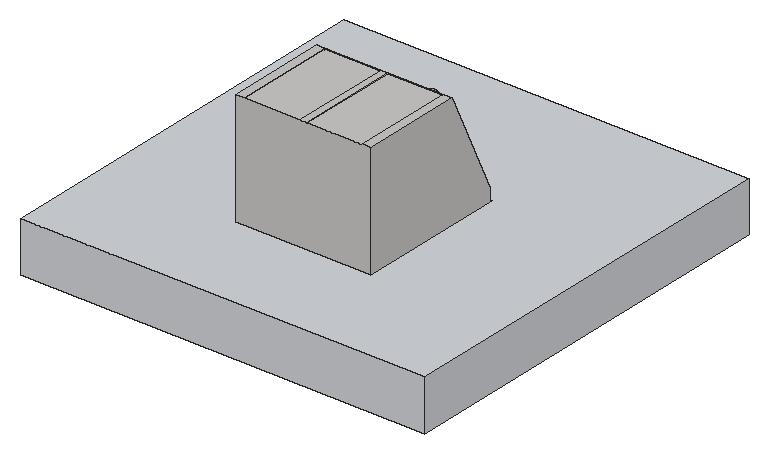
Revit family
Parameters (values of type "4101")
  Waste Connection = yes
  Voltage = 0
  Vent Connection = no
  URL = "http://www.acorneng.com"
  Tempered Water Connection = no
  SWV - Swivel Nozzle on Gooseneck = no
  SS - Storage Shelf = no
  SO - Sensor Operated = no
  SFS - Soap Flush System = no
  Revised Date = "01/30/13"
  Phone # = "626-336-4561"
  PDM - Metering Liquid Soap Dispenser = no
  PB - Pedestal Base (On-Floor Installation) = no
  Model = "4101"
  Material = Stainless Steel
  Manufacturer = "Acorn Engineering"
  MC - Mounting Carrier (Off-Floor Installation) = no
  LM - Light Module = no
  LFN - Laminar Flow Nozzle = no
  HW Connection = yes
  HTR - Chronomite Instantaneous Water Heater (Refer to Chronomite Labs at http://chronomite.com for applications and sales assistance, supplied by Chronomite for field installation) = no
  EYW - Eyewash = no
  ETC - Electronic Timing Controller = no
  Designed By = "ATS BIM Team"
  Description = "Surgical Scrub Sink - One Station"
  Default Elevation = 40"
  DTD - Digital Time Display = no
  CW Connection = yes
  Amperage = 0
Reference planes (in)
  plane 1 "Center (Front/Back)": y = 0.02332
  plane 2: z = 0
  plane 3 "Center (Left/Right)": x = 0
  plane 4: y = -10.97668
  plane 5: y = -6.10168
  plane 6: through (0, 10.75604, 16.36036) normal (0, 0.4226, -0.9063)
  plane 7: x = 10
  plane 8: y = 11.77332
  plane 9: z = 2.75
  plane 10: z = 8.375
  plane 11: y = -15.72668
  plane 12: y = -13.72668
  plane 13: x = 3.00025
  plane 14: x = -3
  plane 15: y = -39.97668
  plane 16: x = -16
  plane 17: x = 16
  plane 18: z = 27
  plane 19: y = -23.97668
Forms (in)
  Extrusion 1, solid
    sketch origin (0, 0, 0) x (1, 0, 0) y (0, 1, 0)
      loop
        line (-48, 48) -> (-48, -48) -> (48, -48) -> (48, 48) -> (-48, 48)
    from 0 to -12
  Extrusion 2, solid, material "Stainless Steel" <- "Material"
    sketch origin (0, -23.97668, 0) x (0, 1, 0) y (0, 0, 1)
      loop
        line (0, 27) -> (0, 0) -> (35.75, 0) -> (35.75, 0.0625) -> (35.19138, 0.0625) -> (35.19138, 3) -> (24, 27) -> (0, 27)
    from -15.99975 to 15.99975
  Extrusion 3, void
    sketch origin (0, -23.97668, 0) x (0, 1, 0) y (0, 0, 1)
      loop
        line (22.9414, 25.03038) -> (17.41229, 25.03038) -> (13, 10.53113) -> (13, 5.5625) -> (29.51903, 5.5625) -> (33.21411, 7.29026) -> (24, 27) -> (24, 26.95) -> (23.91418, 26.95) -> (23.14078, 25.1574)
        arc (23.14078, 25.1574) -> (23.0596, 25.06484) -> (22.9414, 25.03038) r 0.21999
    from -13.99975 to 13.99975
  Blend 4, solid, material "Stainless Steel" <- "Material"
    base sketch origin (0, 9.15893, 7.44299) x (0, -0.906308, -0.422618) y (1, 0, 0)
      loop
        circle (2.42709, 0) r 1
    top sketch origin (0, 9.15893, 7.44299) x (0, -0.906308, -0.422618) y (1, 0, 0)
      loop
        circle (2.42709, 0) r 0.75
    from -0.17587 to 2.73562
  Sweep 5, solid, material "Stainless Steel" <- "Material"
    path origin (0, -23.97668, 0) x (0, 1, 0) y (0, 0, 1)
      loop
        line (31.09044, 7.94382) -> (38.39525, 11.35011)
        arc (38.39525, 11.35011) -> (39.75849, 15.52985) -> (35.68035, 17.17223) r 3.21935
        line (35.68035, 17.17223) -> (34.59122, 16.66297)
    profile origin (0, 10.76616, 9.64697) x (0, -0.422618, 0.906308) y (1, 0, 0)
      loop
        circle (0.34168, 0) r 0.34456
  Revolve 6, solid, material "Stainless Steel" <- "Material"
    sketch origin (0, -23.97668, 0) x (0, 1, 0) y (0, 0, 1)
      loop
        arc (34.29769, 16.60453) -> (34.22011, 16.62302) -> (34.1844, 16.5517) r 0.06419
        line (34.1844, 16.5517) -> (33.96371, 16.44879)
        arc (33.96371, 16.44879) -> (33.75945, 16.41646) -> (33.56911, 16.49732) r 0.375
        arc (33.56911, 16.49732) -> (33.50566, 16.52427) -> (33.43758, 16.5135) r 0.125
        line (33.43758, 16.5135) -> (33.2681, 16.43447) -> (33.55807, 15.81261) -> (34.73214, 16.36159) -> (34.58731, 16.67134)
        arc (34.58731, 16.67134) -> (34.55219, 16.66114) -> (34.51742, 16.67251) r 0.062
        arc (34.51742, 16.67251) -> (34.48717, 16.68364) -> (34.45542, 16.67808) r 0.062
        line (34.45542, 16.67808) -> (34.29769, 16.60453)
      axis (34.73272, 16.36036) -> (33.55807, 15.81261)
    angle from 0 to 360
  Revolve 7, solid, material "Stainless Steel" <- "Material"
    sketch origin (10, -25.05854, -0.52766) x (0, 1, 0) y (0, 0, 1)
      loop
        line (34.6104, 4.24592) -> (34.84959, 4.35746) -> (34.95939, 4.12201)
        arc (34.95939, 4.12201) -> (34.98569, 4.10197) -> (35.01712, 4.11224) r 0.03557
        line (35.01712, 4.11224) -> (35.38763, 4.49312) -> (35.37195, 5.19922) -> (35.28103, 5.39419) -> (34.29037, 4.93224) -> (34.6104, 4.24592)
      axis (34.29037, 4.93224) -> (35.28103, 5.39419)
    angle from 0 to 360
  Extrusion 8, solid, material "Stainless Steel" <- "Material"
    sketch origin (0.15165, -24.83565, -9.62732) x (1, 0, 0) y (0, -0.275637, 0.961262)
      loop
        arc (10.0898, 7.82211) -> (10.07064, 7.85433) -> (10.03536, 7.867) r 0.05546
        line (10.03536, 7.867) -> (9.65003, 7.867)
        arc (9.65003, 7.867) -> (9.61474, 7.85433) -> (9.59558, 7.82211) r 0.05546
        line (9.59558, 7.82211) -> (9.07652, 5.14876)
        arc (9.07652, 5.14876) -> (9.19189, 4.56918) -> (9.68037, 4.23658) r 0.78048
        arc (9.68037, 4.23658) -> (9.7098, 4.21972) -> (9.72391, 4.18888) r 0.05546
        line (9.72391, 4.18888) -> (9.74737, 3.99147)
        arc (9.74737, 3.99147) -> (9.7609, 3.96556) -> (9.78823, 3.95518) r 0.04115
        line (9.78823, 3.95518) -> (9.89716, 3.95518)
        arc (9.89716, 3.95518) -> (9.92448, 3.96556) -> (9.93802, 3.99147) r 0.04115
        line (9.93802, 3.99147) -> (9.96148, 4.18888)
        arc (9.96148, 4.18888) -> (9.97559, 4.21972) -> (10.00502, 4.23658) r 0.05546
        arc (10.00502, 4.23658) -> (10.4935, 4.56918) -> (10.60887, 5.14876) r 0.78048
        line (10.60887, 5.14876) -> (10.0898, 7.82211)
    from -37.06708 to -36.91624
  Extrusion 9, void
    sketch origin (0, -24, 0) x (1, 0, 0) y (0, 1, 0)
      loop
        line (-13.99975, 23.9375) -> (-13.99975, 0) -> (-0.84375, 0) -> (-0.84375, 23.9375) -> (-13.99975, 23.9375)
      loop
        line (0.84425, 23.9375) -> (0.84425, 0.02332) -> (13.99975, 0.02332) -> (13.99975, 23.9375) -> (0.84425, 23.9375)
    from 27 to 26.95
  Extrusion 10, solid, material "Stainless Steel" <- "Material"
    sketch origin (-3, -5, 0) x (1, 0, 0) y (0, 0, 1)
      loop
        circle (0, 2.75) r 0.25
    from -5 to 10.72668
  Extrusion 11, solid, material "Stainless Steel" <- "Material"
    sketch origin (3, -5, 0) x (1, 0, 0) y (0, 0, 1)
      loop
        circle (0, 2.75) r 0.25
    from -5 to 10.72668
  Extrusion 12, solid, material "Stainless Steel" <- "Material"
    sketch origin (0, 0.02332, 5.64636) x (1, 0, 0) y (0, 0, 1)
      loop
        circle (0, 2.72864) r 0.75
    from 10.97668 to 13.75
Cuts and joins
  Extrusion 3, Extrusion 9 cuts Extrusion 2
  Extrusion 9 cuts Blend 4
  Extrusion 9 cuts Sweep 5
  Extrusion 3, Extrusion 9 cuts Revolve 7
  Extrusion 3, Extrusion 9 cuts Extrusion 8
  joined: Extrusion 2, Blend 4, Sweep 5, Revolve 7, Extrusion 8
Dimensions and locks (in)
  cut or joined group of Extrusion 2, Extrusion 3, Blend 4, Sweep 5, Revolve 7, Extrusion 8, Extrusion 9 to cut or joined group of Extrusion 2, Extrusion 3, Blend 4, Sweep 5, Revolve 7, Extrusion 8, Extrusion 9 = 31.9995"
  plane 3 "Center (Left/Right)" to plane 7 = 10"
  Extrusion 1 to plane 9 = 2 3/4"
  Extrusion 1 to plane 10 = 8 3/8"
  plane 15 to plane 12 = 26 1/4"
  plane 11 to plane 15 = 24 1/4"
  plane 9 to Extrusion 1 = 2 3/4"
  plane 10 to Extrusion 1 = 8 3/8"
  plane 14 to plane 3 "Center (Left/Right)" = 3"
  plane 14 to plane 13 = 6.00025"
  plane 16 to plane 17 = 32"
  plane 15 to plane 8 = 51 3/4"
  plane 2 to plane 18 = 27"
  plane 19 to plane 1 "Center (Front/Back)" = 24"
  plane 15 to plane 1 "Center (Front/Back)" = 40"
  plane 8 to plane 19 = 35 3/4"
  aligned and locked: plane 2 to Extrusion 1
  aligned and locked: level to Extrusion 1
Connectors (in)
  piping at (0, -13.72668, 8.375)
    settings: on Extrusion 12, index 1
  piping at (3, -15.72668, 2.75)
    settings: on Extrusion 11, index 2
  piping at (-3, -15.72668, 2.75)
    settings: on Extrusion 10, index 3
